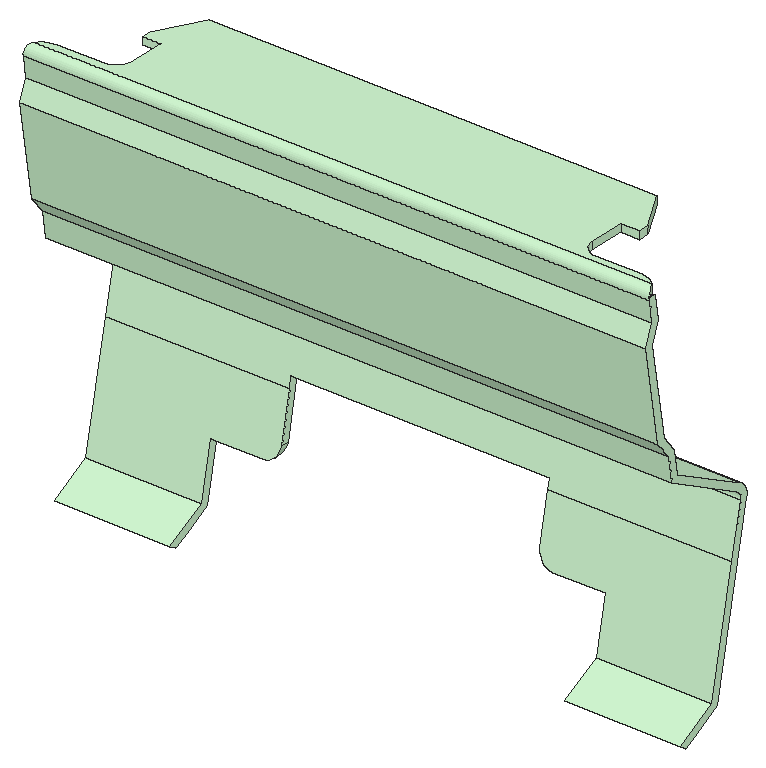
Revit family "spacer_ws65", category 機械設備, Revit 2022
Family settings
  丸型コネクタ寸法 = 直径を使用
  種別 = なし
  パーツ タイプ = 標準
  作業面ベース = いいえ
  常に垂直 = はい
  ロード時にボイドで切り取り = いいえ
  注釈の向きを維持 = いいえ
  共有 = いいえ
  部屋計算ポイント = いいえ
Parameters
  製造元 = "株式会社桐井製作所"
  既定の高さ = 0 mm
  URL = "https://www.kirii.co.jp/"
  K_材質 = "SGCCまたはSGHC　一般用"
  K_品名 = "WS-65スペーサー"
  K_名称 = "スペーサー"
  K_単位質量(kg/個) = 0.015
  K_入数 = "800"
  K_バージョン情報 = "20210524"
  K_めっき付着量 = "Z12"
  K_JIS規格 = "JIS G 3302"
  K_JIS外 [instance] = not(K_JIS)  # no
  K_JIS [instance] = yes
Reference planes
  plane 1 "中心(正面/背面)": y = 0
  plane 2: z = 0
  plane 3 "中心(左/右)": x = 0
Forms (mm)
  Extrusion 1, solid
    sketch origin (0, 0, 0) x (0, 0.987688, 0.156434) y (0, -0.156434, 0.987688)
      loop
        line (0, 0) -> (-10.631, 1.684)
        arc (-10.631, 1.684) -> (-11.276, 1.502) -> (-11.556, 0.894) r 0.8
        line (-11.556, 0.894) -> (-11.556, -1.17) -> (-12.556, -2.902) -> (-12.556, -11.902) -> (-11.556, -13.634) -> (-11.556, -16.134) -> (-4.458, -21.483)
        arc (-4.458, -21.483) -> (-4.17, -21.901) -> (-4.193, -22.408) r 0.8
        line (-4.193, -22.408) -> (-5.984, -27.075) -> (-10.062, -37.698) -> (-14.131, -39.1) -> (-13.537, -39.635) -> (-12.168, -39.164) -> (-9.525, -38.253) -> (-3.539, -22.659)
        arc (-3.539, -22.659) -> (-3.498, -21.708) -> (-4.037, -20.923) r 1.5
        line (-4.037, -20.923) -> (-10.856, -15.785) -> (-10.856, -13.446) -> (-11.856, -11.714) -> (-11.856, -3.089) -> (-10.856, -1.357) -> (-10.856, 1.011) -> (0.274, -0.752) -> (0, 0)
    from -30 to 30
  Extrusion 2, void
    sketch origin (0, 0, 0) x (1, 0, 0) y (0, 1, 0)
      loop
        line (-23.8, -5) -> (-23.8, -4) -> (-21.5, 0) -> (21.5, 0) -> (23.8, -4) -> (23.8, -5) -> (22.05, -5) -> (22.05, -8.5)
        arc (22.05, -8.5) -> (22.489, -9.561) -> (23.55, -10) r 1.5
        line (23.55, -10) -> (28, -10)
        arc (28, -10) -> (29.414, -10.586) -> (30, -12) r 2
        line (30, -12) -> (30.8, -12) -> (30.8, 0.388) -> (-30.854, 0.388) -> (-30.854, -12) -> (-30, -12)
        arc (-30, -12) -> (-29.414, -10.586) -> (-28, -10) r 2
        line (-28, -10) -> (-23.55, -10)
        arc (-23.55, -10) -> (-22.489, -9.561) -> (-22.05, -8.5) r 1.5
        line (-22.05, -8.5) -> (-22.05, -5) -> (-23.8, -5)
    from -0.7 to 0
  Extrusion 3, void
    sketch origin (0, 0, 0) x (1, 0, 0) y (0, 0, 1)
      loop
        line (-18.9, -42.399) -> (18.9, -42.399) -> (18.9, -33.699) -> (13.9, -33.699)
        arc (13.9, -33.699) -> (12.839, -33.26) -> (12.4, -32.199) r 1.5
        line (12.4, -32.199) -> (12.4, -26.699) -> (-12.4, -26.699) -> (-12.4, -32.199)
        arc (-12.4, -32.199) -> (-12.839, -33.26) -> (-13.9, -33.699) r 1.5
        line (-13.9, -33.699) -> (-18.9, -33.699) -> (-18.9, -42.399)
    from 0.466 to 8.101
Cuts and joins
  Extrusion 2, Extrusion 3 cuts Extrusion 1
Dimensions and locks
  aligned and locked: level to plane 2
